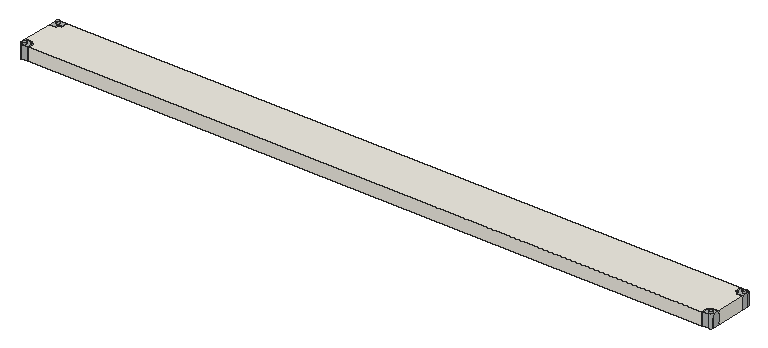
Revit family "HIGHTECH", category Осветительные приборы, Revit 2019 (continued)
Types (32, lengths in mm): name | Файл фотометрической сетки | built-in parameter 1150105 | Lumens | built-in parameter 1150106 | built-in parameter 1150142 | Wattage | Emit from Rectangle Width | Emit from Rectangle Length | Длина | Ширина | ADSK_Ток | ADSK_Полная мощность | ADSK_Обозначение | ADSK_Номинальная мощность | ADSK_Наименование | ADSK_Масса | ADSK_Код изделия
  Hightech-76/opal-sand 160х2300 (IP40, 4000К, белый) | "Светильник HIGHTECH-76 OPAL-SAND-(160x2300).IES" | 572.96 (stored number, unit not read) | 7200 lm | 5.7296 (stored number, unit not read) | "IESNA:LM-63-95\r\n[TEST] Протокол № 50-5\r\n[DATA]21.06.2016\r\n[MORE] \r\n[MANUFAC] ЗАО \"Центрстройсвет\"\r\n[LUMCAT]  Светильник HIGHTECH-76/OPAL-SAND-(160x2300)\r\n[LUMINAIRE]\r\n[LAMPCAT] Светодиоды\r\n[LAMP] Поток источника света (светодиодов) не известен\r\n[MORE] КСС приведена в абсолютных величинах кд\r\n[MORE] Вместо потока лампы, указан поток светильника.\r\nTILT=NONE\r\n1    7200 1.0 37 73 1 2 0.160 2.3 0.04\r\n1.0 1.0 76.6\r\n0.0 5.0 10.0 15.0 20.0 25.0 30.0 35.0 40.0 45.0 50.0 55.0 60.0 65.0 70.0 75.0 80.0 85.0 90.0 95.0 100.0 105.0 110.0 115.0 120.0 125.0 130.0 135.0 140.0 145.0 150.0 155.0 160.0 165.0 170.0 175.0 180.0\r\n0.0 5.0 10.0 15.0 20.0 25.0 30.0 35.0 40.0 45.0 50.0 55.0 60.0 65.0 70.0 75.0 80.0 85.0 90.0 95.0 100.0 105.0 110.0 115.0 120.0 125.0 130.0 135.0 140.0 145.0 150.0 155.0 160.0 165.0 170.0 175.0 180.0 185.0 190.0 195.0 200.0 205.0 210.0 215.0 220.0 225.0 230.0 235.0 240.0 245.0 250.0 255.0 260.0 265.0 270.0 275.0 280.0 285.0 290.0 295.0 300.0 305.0 310.0 315.0 320.0 325.0 330.0 335.0 340.0 345.0 350.0 355.0 360.0\r\n3405.6 3374.0 3369.6 3263.0 3188.3 3029.4 2777.5 2366.1 1845.1 1399.4 1065.5 805.3 609.9 450.2 323.1 240.5 163.0 73.4 7.8 0.0 0.0 0.0 0.0 0.0 0.0 0.0 0.0 0.0 0.0 0.0 0.0 0.0 0.0 0.0 0.0 0.0 0.0\r\n3405.6 3374.4 3379.9 3270.2 3198.2 3029.5 2790.9 2373.8 1854.9 1408.8 1072.8 809.5 619.4 453.6 327.0 242.6 164.9 74.0 8.4 0.0 0.0 0.0 0.0 0.0 0.0 0.0 0.0 0.0 0.0 0.0 0.0 0.0 0.0 0.0 0.0 0.0 0.0\r\n3405.6 3375.2 3384.5 3272.8 3199.0 3042.1 2776.0 2384.3 1886.5 1440.1 1094.4 832.2 628.9 457.0 331.8 247.4 169.1 74.3 8.8 0.0 0.0 0.0 0.0 0.0 0.0 0.0 0.0 0.0 0.0 0.0 0.0 0.0 0.0 0.0 0.0 0.0 0.0\r\n3405.6 3375.0 3385.9 3275.2 3180.8 3049.6 2793.5 2392.3 1915.8 1470.0 1127.9 857.8 642.3 462.7 335.0 254.7 174.5 74.9 9.2 0.0 0.0 0.0 0.0 0.0 0.0 0.0 0.0 0.0 0.0 0.0 0.0 0.0 0.0 0.0 0.0 0.0 0.0\r\n3405.6 3374.4 3376.0 3292.1 3177.6 3057.0 2812.9 2421.6 1960.5 1511.4 1168.9 901.6 665.7 470.6 339.0 258.2 176.2 78.1 9.6 0.0 0.0 0.0 0.0 0.0 0.0 0.0 0.0 0.0 0.0 0.0 0.0 0.0 0.0 0.0 0.0 0.0 0.0\r\n3405.6 3373.8 3358.9 3308.4 3174.1 3065.8 2824.7 2463.6 1997.6 1559.8 1217.5 938.4 690.8 482.6 342.3 252.9 177.1 79.1 10.0 0.0 0.0 0.0 0.0 0.0 0.0 0.0 0.0 0.0 0.0 0.0 0.0 0.0 0.0 0.0 0.0 0.0 0.0\r\n3405.6 3373.0 3345.2 3319.4 3197.2 3056.4 2836.9 2491.8 2046.7 1623.7 1269.0 987.0 723.9 501.1 345.5 251.9 178.8 81.4 10.7 0.0 0.0 0.0 0.0 0.0 0.0 0.0 0.0 0.0 0.0 0.0 0.0 0.0 0.0 0.0 0.0 0.0 0.0\r\n3405.6 3372.8 3343.6 3313.9 3208.1 3060.1 2841.4 2505.7 2088.6 1684.6 1324.2 1035.9 758.8 529.1 355.0 255.6 175.0 83.9 10.4 0.0 0.0 0.0 0.0 0.0 0.0 0.0 0.0 0.0 0.0 0.0 0.0 0.0 0.0 0.0 0.0 0.0 0.0\r\n3405.6 3375.3 3339.6 3304.4 3206.2 3085.6 2869.6 2552.3 2131.6 1731.3 1375.7 1080.9 800.2 556.1 372.5 257.7 168.0 87.1 10.7 0.0 0.0 0.0 0.0 0.0 0.0 0.0 0.0 0.0 0.0 0.0 0.0 0.0 0.0 0.0 0.0 0.0 0.0\r\n3405.6 3379.9 3338.3 3292.8 3199.2 3098.4 2883.0 2571.7 2179.2 1786.3 1435.5 1124.5 850.7 583.1 389.7 258.5 168.5 87.0 10.9 0.0 0.0 0.0 0.0 0.0 0.0 0.0 0.0 0.0 0.0 0.0 0.0 0.0 0.0 0.0 0.0 0.0 0.0\r\n3405.6 3384.6 3346.1 3286.5 3185.6 3081.2 2891.4 2590.2 2203.4 1830.5 1478.0 1169.5 878.2 609.2 406.7 266.0 166.9 86.8 10.1 0.0 0.0 0.0 0.0 0.0 0.0 0.0 0.0 0.0 0.0 0.0 0.0 0.0 0.0 0.0 0.0 0.0 0.0\r\n3405.6 3389.3 3362.5 3302.2 3211.6 3103.8 2908.8 2612.3 2251.7 1865.5 1519.4 1209.0 904.8 631.5 424.9 275.5 172.1 88.7 9.7 0.0 0.0 0.0 0.0 0.0 0.0 0.0 0.0 0.0 0.0 0.0 0.0 0.0 0.0 0.0 0.0 0.0 0.0\r\n3405.6 3394.3 3376.4 3293.5 3225.1 3102.4 2926.3 2644.9 2263.0 1896.0 1540.0 1225.2 919.2 646.4 442.6 292.2 179.1 88.4 9.9 0.0 0.0 0.0 0.0 0.0 0.0 0.0 0.0 0.0 0.0 0.0 0.0 0.0 0.0 0.0 0.0 0.0 0.0\r\n3405.6 3398.8 3384.9 3300.0 3226.2 3100.8 2928.0 2664.6 2289.0 1909.4 1550.4 1212.0 922.9 675.4 458.3 310.1 194.1 88.9 11.3 0.0 0.0 0.0 0.0 0.0 0.0 0.0 0.0 0.0 0.0 0.0 0.0 0.0 0.0 0.0 0.0 0.0 0.0\r\n3405.6 3403.8 3394.9 3300.1 3225.5 3082.0 2938.5 2679.7 2327.5 1917.2 1530.2 1177.9 905.7 682.8 470.6 323.4 215.2 95.6 9.9 0.0 0.0 0.0 0.0 0.0 0.0 0.0 0.0 0.0 0.0 0.0 0.0 0.0 0.0 0.0 0.0 0.0 0.0\r\n3405.6 3408.6 3386.4 3281.5 3213.7 3107.8 2945.4 2709.1 2357.5 1918.9 1499.2 1156.9 877.4 666.2 480.4 331.1 218.7 104.4 9.1 0.0 0.0 0.0 0.0 0.0 0.0 0.0 0.0 0.0 0.0 0.0 0.0 0.0 0.0 0.0 0.0 0.0 0.0\r\n3405.6 3410.6 3376.7 3285.0 3209.0 3098.5 2954.5 2719.8 2377.6 1921.2 1487.0 1128.4 854.9 640.0 464.7 329.7 219.2 105.6 11.0 0.0 0.0 0.0 0.0 0.0 0.0 0.0 0.0 0.0 0.0 0.0 0.0 0.0 0.0 0.0 0.0 0.0 0.0\r\n3405.6 3408.1 3366.0 3292.6 3209.8 3093.5 2949.2 2722.9 2395.0 1920.1 1488.3 1116.0 836.4 617.7 446.4 316.9 220.4 109.7 8.9 0.0 0.0 0.0 0.0 0.0 0.0 0.0 0.0 0.0 0.0 0.0 0.0 0.0 0.0 0.0 0.0 0.0 0.0\r\n3405.6 3402.7 3350.0 3304.7 3206.6 3058.9 2911.8 2690.5 2351.9 1903.0 1462.1 1104.8 832.1 611.9 438.5 311.8 216.6 107.1 8.8 0.0 0.0 0.0 0.0 0.0 0.0 0.0 0.0 0.0 0.0 0.0 0.0 0.0 0.0 0.0 0.0 0.0 0.0\r\n3405.6 3397.5 3348.8 3317.6 3208.2 3050.9 2880.6 2665.6 2330.9 1884.5 1458.1 1105.4 824.2 612.9 443.3 308.9 206.4 104.2 8.2 0.0 0.0 0.0 0.0 0.0 0.0 0.0 0.0 0.0 0.0 0.0 0.0 0.0 0.0 0.0 0.0 0.0 0.0\r\n3405.6 3393.4 3347.1 3314.7 3205.9 3062.3 2894.5 2664.4 2318.3 1892.3 1482.3 1121.5 836.2 626.4 450.4 309.2 202.6 99.9 7.6 0.0 0.0 0.0 0.0 0.0 0.0 0.0 0.0 0.0 0.0 0.0 0.0 0.0 0.0 0.0 0.0 0.0 0.0\r\n3405.6 3389.0 3353.8 3306.8 3191.0 3067.8 2890.7 2623.7 2273.8 1883.9 1482.8 1137.7 858.8 637.9 451.4 307.0 196.3 94.9 5.3 0.0 0.0 0.0 0.0 0.0 0.0 0.0 0.0 0.0 0.0 0.0 0.0 0.0 0.0 0.0 0.0 0.0 0.0\r\n3405.6 3385.8 3363.6 3284.5 3190.2 3052.2 2867.0 2603.7 2234.7 1868.2 1486.7 1153.6 873.6 630.9 431.5 292.6 192.4 88.6 3.7 0.0 0.1 0.0 0.0 0.0 0.0 0.0 0.0 0.0 0.0 0.0 0.0 0.0 0.0 0.0 0.0 0.0 0.0\r\n3405.6 3384.7 3368.2 3275.4 3191.3 3027.7 2848.8 2554.0 2194.9 1820.0 1488.1 1166.5 864.2 606.8 408.2 280.2 175.2 81.6 3.0 0.0 0.0 0.0 0.0 0.0 0.0 0.0 0.0 0.0 0.0 0.0 0.0 0.0 0.0 0.0 0.0 0.0 0.0\r\n3405.6 3384.8 3378.5 3286.4 3189.7 3022.3 2833.9 2516.5 2136.9 1793.4 1469.5 1158.8 841.3 573.2 384.8 263.2 159.9 79.3 2.3 0.0 0.0 0.0 0.0 0.0 0.0 0.0 0.0 0.0 0.0 0.0 0.0 0.0 0.0 0.0 0.0 0.0 0.0\r\n3405.6 3385.1 3380.7 3277.4 3186.3 3025.2 2795.8 2474.4 2098.7 1759.6 1435.7 1121.3 817.3 544.5 365.0 244.9 152.2 74.4 1.3 0.0 0.0 0.0 0.0 0.0 0.0 0.0 0.0 0.0 0.0 0.0 0.0 0.0 0.0 0.0 0.0 0.0 0.0\r\n3405.6 3385.7 3379.5 3270.4 3188.1 3012.0 2777.6 2434.0 2067.6 1704.2 1382.0 1070.1 786.0 522.6 351.5 231.7 152.4 65.6 0.6 0.0 0.0 0.0 0.0 0.0 0.0 0.0 0.0 0.0 0.0 0.0 0.0 0.0 0.0 0.0 0.0 0.0 0.0\r\n3405.6 3386.0 3376.9 3263.0 3160.9 3007.9 2751.4 2393.6 2021.0 1665.4 1317.2 1023.3 746.3 501.3 336.3 231.8 146.1 59.9 0.4 0.0 0.0 0.0 0.0 0.0 0.0 0.0 0.0 0.0 0.0 0.0 0.0 0.0 0.0 0.0 0.0 0.0 0.0\r\n3405.6 3384.9 3366.1 3253.7 3170.8 2993.7 2732.7 2368.9 1968.1 1602.0 1254.2 973.1 694.2 478.2 324.9 229.6 146.4 57.0 0.4 0.0 0.0 0.0 0.0 0.0 0.0 0.0 0.0 0.0 0.0 0.0 0.0 0.0 0.0 0.0 0.0 0.0 0.0\r\n3405.6 3382.6 3357.8 3257.4 3163.3 2994.3 2702.7 2336.5 1915.3 1530.9 1200.5 923.8 649.6 455.6 313.7 233.1 145.7 54.4 0.2 0.0 0.0 0.0 0.0 0.0 0.0 0.0 0.0 0.0 0.0 0.0 0.0 0.0 0.0 0.0 0.0 0.0 0.0\r\n3405.6 3380.7 3356.6 3258.4 3159.0 2982.6 2691.5 2294.1 1868.3 1466.2 1148.0 872.1 619.3 435.2 305.9 234.1 146.9 49.7 0.1 0.0 0.0 0.0 0.0 0.0 0.0 0.0 0.0 0.0 0.0 0.0 0.0 0.0 0.0 0.0 0.0 0.0 0.0\r\n3405.6 3380.2 3362.4 3257.2 3157.7 2959.7 2678.8 2269.4 1815.3 1403.1 1103.0 832.5 590.3 414.5 305.4 230.7 143.9 45.9 0.1 0.0 0.0 0.0 0.0 0.0 0.0 0.0 0.0 0.0 0.0 0.0 0.0 0.0 0.0 0.0 0.0 0.0 0.0\r\n3405.6 3380.5 3369.8 3257.8 3138.3 2951.0 2656.0 2239.6 1762.6 1363.8 1057.8 797.2 573.0 401.9 302.8 233.9 140.7 44.8 0.0 0.0 0.0 0.0 0.0 0.0 0.0 0.0 0.0 0.0 0.0 0.0 0.0 0.0 0.0 0.0 0.0 0.0 0.0\r\n3405.6 3379.5 3365.6 3260.4 3137.5 2949.1 2644.6 2207.8 1716.8 1327.0 1024.7 771.4 557.0 393.1 299.3 232.1 139.2 42.6 0.0 0.0 0.0 0.0 0.0 0.0 0.0 0.0 0.0 0.0 0.0 0.0 0.0 0.0 0.0 0.0 0.0 0.0 0.0\r\n3405.6 3376.0 3364.9 3251.5 3153.0 2948.3 2638.0 2188.2 1691.6 1292.8 994.4 750.2 551.7 390.4 295.1 229.1 137.2 41.5 0.0 0.0 0.0 0.0 0.0 0.0 0.0 0.0 0.0 0.0 0.0 0.0 0.0 0.0 0.0 0.0 0.0 0.0 0.0\r\n3405.6 3370.8 3357.6 3249.3 3149.7 2936.4 2617.0 2159.9 1666.8 1272.2 975.6 735.3 545.3 390.5 291.2 226.7 136.0 40.9 0.0 0.0 0.0 0.0 0.0 0.0 0.0 0.0 0.0 0.0 0.0 0.0 0.0 0.0 0.0 0.0 0.0 0.0 0.0\r\n3405.6 3367.3 3346.1 3241.8 3134.2 2934.5 2612.2 2158.6 1652.8 1266.3 962.9 724.9 539.6 390.2 293.3 227.8 135.2 40.4 0.0 0.0 0.0 0.0 0.0 0.0 0.0 0.0 0.0 0.0 0.0 0.0 0.0 0.0 0.0 0.0 0.0 0.0 0.0\r\n3405.6 3368.2 3337.0 3237.8 3138.6 2954.7 2622.9 2162.1 1655.6 1265.9 963.0 724.8 536.8 391.2 297.0 230.5 136.7 39.8 0.0 0.0 0.0 0.0 0.0 0.0 0.0 0.0 0.0 0.0 0.0 0.0 0.0 0.0 0.0 0.0 0.0 0.0 0.0\r\n3405.6 3372.2 3333.4 3246.8 3134.8 2934.1 2635.7 2167.6 1659.0 1285.6 977.2 727.6 536.3 392.1 302.7 235.0 140.3 39.7 0.0 0.0 0.0 0.0 0.0 0.0 0.0 0.0 0.0 0.0 0.0 0.0 0.0 0.0 0.0 0.0 0.0 0.0 0.0\r\n3405.6 3376.2 3321.9 3266.8 3125.0 2950.7 2642.3 2186.7 1691.6 1305.6 994.0 739.6 539.3 393.8 306.1 237.2 143.5 38.8 0.0 0.0 0.0 0.0 0.0 0.0 0.0 0.0 0.0 0.0 0.0 0.0 0.0 0.0 0.0 0.0 0.0 0.0 0.0\r\n3405.6 3379.4 3316.7 3264.5 3130.8 2944.5 2649.9 2215.4 1724.5 1336.3 1021.6 761.9 549.1 393.9 303.9 235.6 146.4 37.9 0.0 0.0 0.0 0.0 0.0 0.0 0.0 0.0 0.0 0.0 0.0 0.0 0.0 0.0 0.0 0.0 0.0 0.0 0.0\r\n3405.6 3383.0 3326.8 3246.1 3125.9 2947.4 2663.6 2233.9 1765.1 1371.0 1058.8 789.0 568.8 399.2 300.8 234.5 143.4 40.8 0.0 0.0 0.0 0.0 0.0 0.0 0.0 0.0 0.0 0.0 0.0 0.0 0.0 0.0 0.0 0.0 0.0 0.0 0.0\r\n3405.6 3386.5 3337.2 3241.5 3139.8 2952.5 2691.9 2271.1 1812.4 1412.5 1099.1 823.6 588.0 409.8 303.3 230.0 140.6 43.8 0.1 0.0 0.0 0.0 0.0 0.0 0.0 0.0 0.0 0.0 0.0 0.0 0.0 0.0 0.0 0.0 0.0 0.0 0.0\r\n3405.6 3388.5 3345.9 3222.1 3131.1 2960.1 2705.2 2312.9 1871.3 1466.1 1142.4 871.8 614.9 426.7 305.1 221.1 142.6 43.8 0.1 0.0 0.0 0.0 0.0 0.0 0.0 0.0 0.0 0.0 0.0 0.0 0.0 0.0 0.0 0.0 0.0 0.0 0.0\r\n3405.6 3389.0 3355.6 3233.4 3109.0 2966.0 2715.3 2353.2 1922.1 1520.6 1190.9 915.7 651.0 447.1 306.4 223.0 138.6 47.2 0.1 0.0 0.0 0.0 0.0 0.0 0.0 0.0 0.0 0.0 0.0 0.0 0.0 0.0 0.0 0.0 0.0 0.0 0.0\r\n3405.6 3389.3 3354.8 3251.9 3132.5 2965.2 2728.2 2393.1 1972.4 1582.9 1241.3 958.7 686.2 467.4 312.0 220.5 134.6 51.4 0.2 0.0 0.0 0.0 0.0 0.0 0.0 0.0 0.0 0.0 0.0 0.0 0.0 0.0 0.0 0.0 0.0 0.0 0.0\r\n3405.6 3389.4 3354.8 3266.4 3139.3 2973.1 2765.9 2430.8 2025.1 1635.6 1300.6 994.8 731.8 481.5 321.6 222.6 137.5 54.9 0.3 0.0 0.0 0.0 0.0 0.0 0.0 0.0 0.0 0.0 0.0 0.0 0.0 0.0 0.0 0.0 0.0 0.0 0.0\r\n3405.6 3388.8 3340.9 3260.4 3150.4 2987.7 2775.6 2458.4 2064.8 1696.3 1344.0 1038.6 756.8 499.3 332.2 230.0 143.6 58.5 0.4 0.0 0.0 0.0 0.0 0.0 0.0 0.0 0.0 0.0 0.0 0.0 0.0 0.0 0.0 0.0 0.0 0.0 0.0\r\n3405.6 3387.2 3322.6 3246.6 3126.8 2978.0 2792.4 2490.1 2122.6 1733.9 1378.4 1075.9 772.3 526.0 346.2 242.3 156.2 65.4 0.4 0.0 0.0 0.0 0.0 0.0 0.0 0.0 0.0 0.0 0.0 0.0 0.0 0.0 0.0 0.0 0.0 0.0 0.0\r\n3405.6 3383.9 3314.5 3234.8 3144.9 2988.4 2814.6 2529.8 2156.8 1772.6 1397.1 1083.5 790.8 540.3 368.4 260.2 167.1 74.2 0.8 0.0 0.0 0.0 0.0 0.0 0.0 0.0 0.0 0.0 0.0 0.0 0.0 0.0 0.0 0.0 0.0 0.0 0.0\r\n3405.6 3379.4 3310.9 3250.0 3156.3 3003.7 2817.4 2566.7 2194.6 1810.3 1409.3 1078.2 794.2 558.2 388.1 271.2 176.4 77.8 1.7 0.0 0.0 0.0 0.0 0.0 0.0 0.0 0.0 0.0 0.0 0.0 0.0 0.0 0.0 0.0 0.0 0.0 0.0\r\n3405.6 3375.3 3308.4 3270.0 3165.9 3011.6 2831.4 2587.5 2249.3 1834.2 1422.2 1057.9 777.0 567.9 398.1 276.8 185.1 81.8 2.2 0.0 0.0 0.0 0.0 0.0 0.0 0.0 0.0 0.0 0.0 0.0 0.0 0.0 0.0 0.0 0.0 0.0 0.0\r\n3405.6 3373.8 3313.7 3282.8 3148.7 3003.0 2850.3 2609.6 2283.3 1855.2 1420.9 1051.3 759.3 555.6 400.0 277.6 187.3 87.7 3.0 0.0 0.0 0.0 0.0 0.0 0.0 0.0 0.0 0.0 0.0 0.0 0.0 0.0 0.0 0.0 0.0 0.0 0.0\r\n3405.6 3375.3 3325.6 3277.7 3138.0 3009.7 2836.5 2602.2 2299.2 1863.9 1422.4 1034.9 741.8 546.2 395.1 275.0 184.8 89.1 3.7 0.0 0.0 0.0 0.0 0.0 0.0 0.0 0.0 0.0 0.0 0.0 0.0 0.0 0.0 0.0 0.0 0.0 0.0\r\n3405.6 3378.7 3333.0 3254.4 3140.4 3006.4 2816.0 2605.6 2308.4 1861.6 1416.4 1040.7 742.8 543.4 391.9 275.4 184.8 89.7 5.0 0.0 0.0 0.0 0.0 0.0 0.0 0.0 0.0 0.0 0.0 0.0 0.0 0.0 0.0 0.0 0.0 0.0 0.0\r\n3405.6 3381.8 3338.2 3252.6 3147.4 3018.7 2868.1 2644.9 2325.0 1884.7 1435.2 1041.6 753.1 552.0 396.6 279.4 191.2 93.5 7.2 0.0 0.0 0.0 0.0 0.0 0.0 0.0 0.0 0.0 0.0 0.0 0.0 0.0 0.0 0.0 0.0 0.0 0.0\r\n3405.6 3383.6 3341.0 3247.3 3160.9 3017.2 2875.2 2639.9 2319.2 1883.9 1448.4 1056.1 777.3 574.1 412.3 285.8 193.0 94.2 7.6 0.0 0.0 0.0 0.0 0.0 0.0 0.0 0.0 0.0 0.0 0.0 0.0 0.0 0.0 0.0 0.0 0.0 0.0\r\n3405.6 3385.6 3335.8 3252.4 3163.9 3026.7 2871.5 2623.0 2293.6 1872.2 1457.5 1078.2 800.0 592.4 417.5 285.6 189.6 89.8 8.5 0.0 0.0 0.0 0.0 0.0 0.0 0.0 0.0 0.0 0.0 0.0 0.0 0.0 0.0 0.0 0.0 0.0 0.0\r\n3405.6 3387.7 3330.1 3255.0 3151.5 3033.4 2858.5 2613.6 2262.7 1865.1 1462.5 1110.7 825.6 594.9 414.7 281.1 177.4 88.6 7.6 0.0 0.0 0.0 0.0 0.0 0.0 0.0 0.0 0.0 0.0 0.0 0.0 0.0 0.0 0.0 0.0 0.0 0.0\r\n3405.6 3388.5 3329.1 3265.5 3157.3 3037.6 2854.4 2610.4 2237.5 1847.7 1465.6 1129.5 840.9 593.9 397.0 267.4 172.4 85.2 7.3 0.0 0.0 0.0 0.0 0.0 0.0 0.0 0.0 0.0 0.0 0.0 0.0 0.0 0.0 0.0 0.0 0.0 0.0\r\n3405.6 3389.1 3323.8 3273.5 3158.4 3036.0 2845.8 2577.5 2210.5 1823.3 1444.2 1138.2 834.9 575.5 381.4 251.8 163.1 81.2 8.0 0.0 0.0 0.0 0.0 0.0 0.0 0.0 0.0 0.0 0.0 0.0 0.0 0.0 0.0 0.0 0.0 0.0 0.0\r\n3405.6 3389.2 3322.5 3281.9 3168.6 3032.2 2854.2 2564.0 2184.7 1793.3 1422.4 1119.0 826.7 559.9 366.4 247.8 153.3 78.0 7.8 0.0 0.0 0.0 0.0 0.0 0.0 0.0 0.0 0.0 0.0 0.0 0.0 0.0 0.0 0.0 0.0 0.0 0.0\r\n3405.6 3387.7 3319.8 3272.3 3157.1 3027.4 2839.9 2532.3 2158.3 1750.2 1392.4 1081.5 802.3 546.0 352.4 246.1 148.6 79.3 7.6 0.0 0.0 0.0 0.0 0.0 0.0 0.0 0.0 0.0 0.0 0.0 0.0 0.0 0.0 0.0 0.0 0.0 0.0\r\n3405.6 3384.8 3317.1 3274.3 3158.2 3032.9 2838.0 2521.5 2113.4 1696.6 1348.0 1045.7 770.8 522.2 349.8 236.5 152.8 76.4 7.8 0.0 0.0 0.0 0.0 0.0 0.0 0.0 0.0 0.0 0.0 0.0 0.0 0.0 0.0 0.0 0.0 0.0 0.0\r\n3405.6 3381.1 3321.0 3266.5 3167.4 3038.1 2831.5 2500.6 2076.3 1655.1 1303.1 1004.1 732.3 502.0 337.0 237.4 158.1 75.2 7.6 0.0 0.0 0.0 0.0 0.0 0.0 0.0 0.0 0.0 0.0 0.0 0.0 0.0 0.0 0.0 0.0 0.0 0.0\r\n3405.6 3377.7 3324.6 3277.8 3182.7 3030.1 2820.8 2478.2 2039.3 1602.2 1256.8 964.1 700.3 483.3 331.2 238.2 163.7 76.0 8.0 0.0 0.0 0.0 0.0 0.0 0.0 0.0 0.0 0.0 0.0 0.0 0.0 0.0 0.0 0.0 0.0 0.0 0.0\r\n3405.6 3375.5 3325.5 3283.5 3169.3 3022.5 2808.0 2454.8 2003.5 1553.8 1212.1 931.5 672.6 461.4 326.0 242.2 168.6 76.6 8.0 0.0 0.0 0.0 0.0 0.0 0.0 0.0 0.0 0.0 0.0 0.0 0.0 0.0 0.0 0.0 0.0 0.0 0.0\r\n3405.6 3374.9 3330.3 3288.1 3166.2 3028.8 2798.8 2423.7 1947.2 1509.3 1168.8 887.6 644.4 448.7 319.8 246.7 173.8 76.1 7.7 0.0 0.0 0.0 0.0 0.0 0.0 0.0 0.0 0.0 0.0 0.0 0.0 0.0 0.0 0.0 0.0 0.0 0.0\r\n3405.6 3375.8 3335.8 3292.2 3152.4 3030.8 2801.5 2407.5 1900.5 1466.9 1137.2 857.2 622.1 438.2 319.2 248.7 175.5 73.9 7.4 0.0 0.0 0.0 0.0 0.0 0.0 0.0 0.0 0.0 0.0 0.0 0.0 0.0 0.0 0.0 0.0 0.0 0.0\r\n3405.6 3377.0 3343.4 3285.9 3163.1 3043.0 2786.2 2383.5 1881.6 1436.0 1103.7 828.1 608.6 434.1 320.1 248.0 171.3 74.3 7.3 0.0 0.0 0.0 0.0 0.0 0.0 0.0 0.0 0.0 0.0 0.0 0.0 0.0 0.0 0.0 0.0 0.0 0.0\r\n3405.6 3376.7 3347.3 3271.5 3174.8 3037.8 2775.2 2372.1 1859.9 1414.7 1086.8 813.5 602.2 433.1 320.5 245.7 167.2 74.1 7.5 0.0 0.0 0.0 0.0 0.0 0.0 0.0 0.0 0.0 0.0 0.0 0.0 0.0 0.0 0.0 0.0 0.0 0.0\r\n3405.6 3375.1 3357.4 3255.8 3187.9 3040.3 2795.0 2366.4 1846.4 1401.0 1068.4 804.4 604.7 439.6 321.3 242.1 162.6 73.7 7.6 0.0 0.0 0.0 0.0 0.0 0.0 0.0 0.0 0.0 0.0 0.0 0.0 0.0 0.0 0.0 0.0 0.0 0.0\r\n3405.6 3374.0 3369.6 3263.0 3188.3 3029.4 2777.5 2366.1 1845.1 1399.4 1065.5 805.3 609.9 450.2 323.1 240.5 163.0 73.4 7.8 0.0 0.0 0.0 0.0 0.0 0.0 0.0 0.0 0.0 0.0 0.0 0.0 0.0 0.0 0.0 0.0 0.0 0.0\r\n" | 48.4712 W | 120 | 2260 | 2300 | 160 | 0.359168 A | 82.6087 VA | "Hightech-76/opal-sand 160х2300 (IP40, 4000К, белый)" | 76 W | "Универсальный
     светодиодный светильник Hightech-76/opal-sand 160х2300 (IP40, 4000К, белый)" | 2.9 | "ЦБ000009678"
